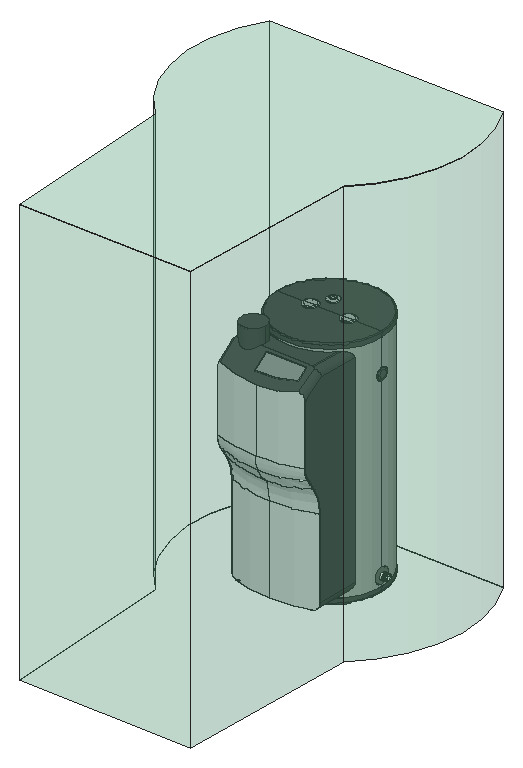
Revit family "Innovo BEFR_IR 24 285 BEFR LP", category Mechanical Equipment, Revit 2015
Parameters (values of type "IR-24-285 BEFR LP")
  largeur d'emballage = 786 mm  # constant formula
  l'Intervalle d'Entretien = "12 mois"  # constant formula
  Workspace Radius = Diameter + 170 mm  # 730 mm
  Workspace Height = Hauteur + 1000 mm  # 2270 mm
  Workspace Front Distance = 1000 mm
  Workspace [instance] = yes
  Valve Height 02 = if(and(Hauteur = 1745 mm, Diameter = 675 mm), 1518 mm, if(and(Hauteur = 1745 mm, Diameter = 610 mm), 1534 mm, if(Hauteur = 1545 mm, 1328 mm, 1070 mm)))  # 1070 mm
  Valve Height 01 = if(and(Diameter > 560 mm), 693 mm, 604 mm)  # 604 mm
  Valeur Maximale du Thermostat de Régulation = 85 °C  # constant formula
  Valeur Manimale du Thermostat de Régulation = 40 °C  # constant formula
  Valeur Défaut du Thermostat de Régulation = 65 °C  # constant formula
  URL = "www.aosmith.be"
  Type d'Installation = "B23/C13/C33/C43/C53/C63"  # constant formula
  Type d'emballage = "Carton et bois"  # constant formula
  Tension d'Alimentation (-15%, +10%) = 230 V  # constant formula
  Température Maximale des Fumées = 61 °C
  Temps de réchauffement à ΔT = 70°C = "27"
  Temps de réchauffement à ΔT = 55°C = "21"
  Temps de réchauffement à ΔT = 50°C = "19"
  Temps de réchauffement à ΔT = 44°C = "17"
  Temps de réchauffement à ΔT = 28°C = "11"
  Spécifications du Produit = ""
  Réglages du thermostat du chauffe-eau = 65 °C  # constant formula
  Réglage Standard Pour = "G31"
  Rendement Saisonnier (Hs) = [Rendement (Hs, acc. NEN-EN 89 - 1999)]  # 95
  Rendement (Hs, acc. NEN-EN 89 - 1999) = 95
  Rendement (Hi, acc. NEN-EN 89 - 1999) = 106
  Raccord Évacuation de la Condensation = 40 mm  # constant formula
  Raccord de la Soupape de Vidange = 3/4"
  Raccord de Sortie d'Eau Chaude = 3/4"
  Raccord de Gaz = 15"  # constant formula
  Raccord d'Alimentation en Eau Froide = 3/4"  # constant formula
  Raccord Robinet de Vidange = 3/4"  # constant formula
  Puissance Électrique Absorbée (sommet) = 85 W
  Puissance Électrique Absorbée (nominal) = 36 W
  Profondeur d'emballage = 946 mm  # constant formula
  Profondeur = 780 mm  # constant formula
  Profils de soutirage déclaré = "XL"
  Production Nominale = "18700.0"
  Pression de Fonctionnement Maximale = 800000.0 Pa  # constant formula
  Pression Différentielle d'Ouverture de l'Interrupteur de Pression < = 115.0 Pa
  Pression Amont de Gaz = "3700 Pa"
  Precaustions during assembling, installation or maintenance = "voir Manuel d'installation, d'emploi er d'entretien"  # constant formula
  Poids à vide = 95 kg
  Poids de Transport = 114 kg
  Phase = 1
  Pertes en Veille - tous les jours (24h) = 0 W
  Pertes en Veille = 0 W
  Nombre de modèle du produit (EAN) = "8717449286026"
  Niveau du Son dB (A) = "<45"  # constant formula
  Niveau de puissance acoustique à l'intérieur = "52 dB"
  NOx-émissions mg/kWh = "30"
  NOx-émissions (ven air, 0% O2) ppm = "18"
  Modèdele = "IR-20-160"
  Model = "IR-20-160 FR LP"
  Marque commerciale = "A.O. Smith"  # constant formula
  Manufacturer = "A.O. Smith Water Products Company b.v."  # constant formula
  Largeur = Diameter  # 560 mm
  La commande intelligente = no
  L'efficacité énergétique pour le chauffage de l'eau (2) = "-"
  L'efficacité énergétique pour le chauffage de l'eau (1) = "92%"
  Hauteur du Raccordement au Gaz = 860 mm
  Hauteur de la Sortie d'eau Chaude = 1270 mm
  Hauteur de l'Alimentation en eau Froide = 170 mm
  Hauteur d'emballage = 1465 mm
  Hauteur Conduit d'Évacuation des Fumées = 1295 mm
  Hauteur Conduit d'Alimentation en Air = 1295 mm
  Hauteur = 1270 mm
  Guide de Produit = ""
  Garantie sur la Cuve = "36 mois"  # constant formula
  Garantie Pièces = "12 mois"  # constant formula
  Fréquence secteur = 50 Hz  # constant formula
  Forctionner qu'en heures creuses = no
  Fabricant No. = "E 7110"  # constant formula
  Epaisseur d'Isolation = 50 mm
  Débit de vidage à ΔT = 70°C après 90 min. = 410.0 L
  Débit de vidage à ΔT = 70°C après 60 min. = 290.0 L
  Débit de vidage à ΔT = 70°C après 30 min. = 170.0 L
  Débit de vidage à ΔT = 70°C après 120 min. = 520.0 L
  Débit de vidage à ΔT = 55°C après 90 min. = 540.0 L
  Débit de vidage à ΔT = 55°C après 60 min. = 390.0 L
  Débit de vidage à ΔT = 55°C après 30 min. = 240.0 L
  Débit de vidage à ΔT = 55°C après 120 min. = 700.0 L
  Débit de vidage à ΔT = 50°C après 90 min. = 600.0 L
  Débit de vidage à ΔT = 50°C après 60 min. = 440.0 L
  Débit de vidage à ΔT = 50°C après 30 min. = 270.0 L
  Débit de vidage à ΔT = 50°C après 120 min. = 770.0 L
  Débit de vidage à ΔT = 44°C après 90 min. = 690.0 L
  Débit de vidage à ΔT = 44°C après 60 min. = 510.0 L
  Débit de vidage à ΔT = 44°C après 30 min. = 320.0 L
  Débit de vidage à ΔT = 44°C après 120 min. = 880.0 L
  Débit de vidage à ΔT = 28°C après 90 min. = 1200.0 L
  Débit de vidage à ΔT = 28°C après 60 min. = 820.0 L
  Débit de vidage à ΔT = 28°C après 30 min. = 530.0 L
  Débit de vidage à ΔT = 28°C après 120 min. = 1500.0 L
  Débit de vidage en Continu à ΔT = 70°C = 240.0 L/s
  Débit de vidage en Continu à ΔT = 55°C = 300.0 L/s
  Débit de vidage en Continu à ΔT = 50°C = 330.0 L/s
  Débit de vidage en Continu à ΔT = 44°C = 380.0 L/s
  Débit de vidage en Continu à ΔT = 28°C = 590.0 L/s
  Diamètre Cheminée - Système Parallèle = "2x80"  # constant formula
  Diamètre Cheminée - Système Concentrique = "80/125 mm/mm"  # constant formula
  Diamètre Cheminée - Boiler = "80/125 mm/mm"  # constant formula
  Diameter = 560 mm
  Destination / Country = "Belgique"  # constant formula
  Description = "Préparateur ECS Solaire en Combinaison avec Réservoir de Stockage"  # constant formula
  D'autres profils de soutirage = "-"
  Created By = "http://www.cadcompany.nl/"
  Consommation de Gaz - Volume ltr/hr = "2.20"
  Consommation de Gaz - Masse kg/h = "1.4"
  Class d'efficacité énergétique (2) = "-"
  Class d'efficacité énergétique (1) = "A"  # constant formula
  Charge Nominale (Valeur Supérieure) = "19600.0"
  Charge Nominale (Valeur Inférieure) = "18000.0"
  Charge Maximale au Sol = 274 kg
  Catégorie de Gaz = "I3P"
  Capacité = 160.0 L
  CO2 Émissions (tol. +/- 1.0) vol% = "10.0"
  CE-PIN = "0063CQ3037"  # constant formula
  BIM Content Developer = "CAD & Company"  # constant formula
  Assembly Code = "D3010"
  Annual fuel consumption (2) = "-"
  Annual fuel consumption (1) = "16 GJ GCV"
  Annual electricity consumption (2) = "-"
  Annual electricity consumption (1) = "37 kWh"
  2ème Entretien (Entretien Général) = "12 mois après l'installation"  # constant formula
  1er Entretien (check-up) = "3 mois après l'installation"  # constant formula
Reference planes
  plane 1 "Center (Front/Back)": y = 0
  plane 2: z = 0
  plane 3 "Center (Left/Right)": x = 0
  plane 4 "Pipe": through (-383.901, 912.349, 194.799) normal (-0.0879, -0.0879, 0.9923)
  plane 5 "footing": y = 118.925
  plane 6 "footing front": y = -237.85
  plane 7: x = -280
  plane 8: x = 280
  plane 9: z = 1270
Forms (mm)
  Revolve 1, solid, material "RAL 9005", detail levels medium+fine
    sketch origin (0, -237.85, 0) x (-1, 0, 0) y (0, 0, 1)
      loop
        line (0, 28.9) -> (-15, 28.9) -> (-15, 26.4) -> (-8.671, 26.4) -> (-8.671, 18) -> (-5.686, 18) -> (-6.626, 17.06) -> (-6.626, 12.06) -> (-8.671, 12.06) -> (-8.671, 10) -> (-10.031, 10) -> (-23.271, 5.181)
        arc (-23.271, 5.181) -> (-23.763, 4.836) -> (-24.017, 4.293) r 1.159
        line (-24.017, 4.293) -> (-24.017, 1.03)
        arc (-24.017, 1.03) -> (-23.715, 0.302) -> (-22.986, 0) r 1.03
        line (-22.986, 0) -> (0, 0) -> (0, 28.9)
      axis (0, 28.9) -> (0, 0)
    angle from 0 to 360
  Revolve 2, solid, material "RAL 9005", detail levels medium+fine
    sketch origin (0, 118.925, 0) x (-1, 0, 0) y (0, 0, 1)
      loop
        line (-180.984, 28.9) -> (-195.984, 28.9) -> (-195.984, 26.4) -> (-189.655, 26.4) -> (-189.655, 18) -> (-186.67, 18) -> (-187.61, 17.06) -> (-187.61, 12.06) -> (-189.655, 12.06) -> (-189.655, 10) -> (-191.015, 10) -> (-204.256, 5.181)
        arc (-204.256, 5.181) -> (-204.747, 4.836) -> (-205.001, 4.293) r 1.159
        line (-205.001, 4.293) -> (-205.001, 1.03)
        arc (-205.001, 1.03) -> (-204.699, 0.302) -> (-203.971, 0) r 1.03
        line (-203.971, 0) -> (-180.984, 0) -> (-180.984, 28.9)
      axis (-180.984, 28.9) -> (-180.984, 0)
    angle from 0 to 360
  Revolve 3, solid, material "RAL 9005", detail levels medium+fine
    sketch origin (0, 118.925, 0) x (-1, 0, 0) y (0, 0, 1)
      loop
        line (179.016, 28.9) -> (164.016, 28.9) -> (164.016, 26.4) -> (170.345, 26.4) -> (170.345, 18) -> (173.33, 18) -> (172.39, 17.06) -> (172.39, 12.06) -> (170.345, 12.06) -> (170.345, 10) -> (168.985, 10) -> (155.744, 5.181)
        arc (155.744, 5.181) -> (155.253, 4.836) -> (154.999, 4.293) r 1.159
        line (154.999, 4.293) -> (154.999, 1.03)
        arc (154.999, 1.03) -> (155.301, 0.302) -> (156.029, 0) r 1.03
        line (156.029, 0) -> (179.016, 0) -> (179.016, 28.9)
      axis (179.016, 28.9) -> (179.016, 0)
    angle from 0 to 360
Lines and regions (mm)
  symbolic lines
    curve 1: line (0, 280.06, 0) -> (0, -280.06, 0)
    curve 2: line (-255.06, 0, 0) -> (255.06, 0, 0)
  symbolic lines, style "Workspace"
    curve 3: line (623.261, 380.06, 0) -> (-623.261, 380.06, 0)
    curve 4: arc (-623.261, 380.06, 0) -> (-726.942, -66.745, 0) -> (-543.632, -487.2, 0) r 730
    curve 5: line (-543.632, -487.2, 0) -> (-396.783, -1492.825, 0)
    curve 6: line (-396.783, -1492.825, 0) -> (399.03, -1492.825, 0)
    curve 7: line (399.03, -1492.825, 0) -> (545.76, -484.816, 0)
    curve 8: arc (545.76, -484.816, 0) -> (727.087, -65.154, 0) -> (623.261, 380.06, 0) r 730
Dimensions and locks
  plane 5 "footing" to plane 1 "Center (Front/Back)" = 118.925 mm
  plane 1 "Center (Front/Back)" to plane 6 "footing front" = 237.85 mm
  "Diameter": plane 7 to plane 8
  equal spacing: plane 7, plane 3 "Center (Left/Right)", plane 8
  "Hauteur": plane 9 to plane 2
  "Workspace Front Distance": curve 6 to nested 3
  "Workspace Radius": radius of curve 4
  "Workspace Radius": radius of curve 8
  aligned and locked: level to plane 2
  aligned and locked: nested 3 to Revolve 1 sketch curve
  aligned and locked: plane 3 "Center (Left/Right)" to Revolve 1 sketch curve
  aligned and locked: nested 3 to plane 1 "Center (Front/Back)"
  aligned and locked: plane 3 "Center (Left/Right)" to nested 3
  aligned and locked: nested 1 to plane 8
  aligned and locked: nested 5 to plane 8
  aligned and locked: nested 2 to plane 7
  aligned and locked: nested 4 to plane 7
  aligned and locked: nested 7 to plane 7
  aligned and locked: nested 8 to plane 3 "Center (Left/Right)"
  aligned and locked: plane 1 "Center (Front/Back)" to nested 8
  aligned and locked: nested 8 to nested 3
  aligned and locked: curve 3 to nested 8
Automatic sketch dimensions
  Revolve 1 sketch curve to level = 0 mm
  plane 3 "Center (Left/Right)" to Revolve 1 sketch curve = 5.686 mm
  Revolve 1 sketch curve to Revolve 1 sketch curve = 0.94 mm  (x2)
  Revolve 1 sketch curve to Revolve 1 sketch curve = 2.046 mm  (x2)
  Revolve 1 sketch curve to Revolve 1 sketch curve = 1.359 mm
  Revolve 1 sketch curve to Revolve 1 sketch curve = 6.329 mm
  level to Revolve 1 sketch curve = 4.091 mm
  Revolve 1 sketch curve to Revolve 1 sketch curve = 12.844 mm
  level to Revolve 1 sketch curve = 1.03 mm
  Revolve 1 sketch curve to Revolve 1 sketch curve = 0.111 mm
  level to Revolve 1 sketch curve = 5.181 mm
  Revolve 1 sketch curve to Revolve 1 sketch curve = 0.745 mm
  level to Revolve 1 sketch curve = 10 mm
  Revolve 1 sketch curve to Revolve 1 sketch curve = 2.06 mm
  Revolve 1 sketch curve to Revolve 1 sketch curve = 5 mm
  Revolve 1 sketch curve to Revolve 1 sketch curve = 8.4 mm
  Revolve 1 sketch curve to Revolve 1 sketch curve = 2.5 mm
  Revolve 1 sketch curve to level = 19.635 mm
  Revolve 1 sketch curve to Revolve 1 sketch curve = 46.465 mm
  Revolve 2 sketch curve to level = 0 mm
  level to Revolve 2 sketch curve = 1.03 mm
  Revolve 2 sketch curve to plane 8 = 74.999 mm
  level to Revolve 2 sketch curve = 5.181 mm
  Revolve 2 sketch curve to Revolve 2 sketch curve = 0.745 mm
  Revolve 2 sketch curve to Revolve 2 sketch curve = 0.397 mm
  Revolve 2 sketch curve to Revolve 2 sketch curve = 8.271 mm
  Revolve 2 sketch curve to Revolve 2 sketch curve = 13.241 mm
  Revolve 2 sketch curve to Revolve 2 sketch curve = 1.359 mm
  Revolve 2 sketch curve to Revolve 2 sketch curve = 6.329 mm
  Revolve 2 sketch curve to Revolve 2 sketch curve = 2.046 mm
  level to Revolve 2 sketch curve = 18 mm
  Revolve 2 sketch curve to Revolve 2 sketch curve = 0.94 mm  (x2)
  Revolve 2 sketch curve to Revolve 2 sketch curve = 8.671 mm
  Revolve 2 sketch curve to Revolve 2 sketch curve = 1.089 mm
  Revolve 2 sketch curve to Revolve 2 sketch curve = 8 mm
  Revolve 2 sketch curve to Revolve 2 sketch curve = 2.06 mm
  Revolve 2 sketch curve to Revolve 2 sketch curve = 8.4 mm
  Revolve 2 sketch curve to Revolve 2 sketch curve = 2.5 mm
  Revolve 2 sketch curve to Revolve 2 sketch curve = 0 mm
  Revolve 2 sketch curve to level = 19.635 mm
  Revolve 2 sketch curve to Revolve 2 sketch curve = 46.465 mm
  Revolve 3 sketch curve to level = 0 mm
  level to Revolve 3 sketch curve = 1.03 mm
  Revolve 3 sketch curve to plane 7 = 125.001 mm
  level to Revolve 3 sketch curve = 5.181 mm
  Revolve 3 sketch curve to Revolve 3 sketch curve = 0.745 mm
  Revolve 3 sketch curve to Revolve 3 sketch curve = 0.397 mm
  Revolve 3 sketch curve to Revolve 3 sketch curve = 8.271 mm
  Revolve 3 sketch curve to Revolve 3 sketch curve = 13.241 mm
  Revolve 3 sketch curve to Revolve 3 sketch curve = 1.359 mm
  Revolve 3 sketch curve to Revolve 3 sketch curve = 6.329 mm
  Revolve 3 sketch curve to Revolve 3 sketch curve = 2.046 mm
  level to Revolve 3 sketch curve = 18 mm
  Revolve 3 sketch curve to Revolve 3 sketch curve = 0.94 mm  (x2)
  Revolve 3 sketch curve to Revolve 3 sketch curve = 8.671 mm
  Revolve 3 sketch curve to Revolve 3 sketch curve = 1.089 mm
  Revolve 3 sketch curve to Revolve 3 sketch curve = 8 mm
  Revolve 3 sketch curve to Revolve 3 sketch curve = 2.06 mm
  Revolve 3 sketch curve to Revolve 3 sketch curve = 8.4 mm
  Revolve 3 sketch curve to Revolve 3 sketch curve = 2.5 mm
  Revolve 3 sketch curve to Revolve 3 sketch curve = 0 mm
  Revolve 3 sketch curve to level = 19.635 mm
  Revolve 3 sketch curve to Revolve 3 sketch curve = 46.465 mm
  curve 4 to curve 8 = 0 mm  (x2)
  plane 1 "Center (Front/Back)" to curve 2 = 0 mm
  curve 1 to plane 3 "Center (Left/Right)" = 0 mm
  plane 1 "Center (Front/Back)" to curve 4 = 0 mm
  curve 4 to plane 3 "Center (Left/Right)" = 0 mm
  curve 5 to plane 6 "footing front" = 249.35 mm
  plane 7 to curve 5 = 116.783 mm
  plane 8 to curve 7 = 119.03 mm
  curve 7 to plane 6 "footing front" = 246.966 mm
  curve 2 to plane 7 = 24.94 mm
  curve 2 to plane 8 = 24.94 mm
  curve 1 to plane 6 "footing front" = 42.21 mm
  plane 5 "footing" to curve 1 = 161.135 mm
Nested families
  nested 1: "Valve" at (280, -0.38, 1070) x (0, 1, 0) z (0, 0, 1), built-in parameter 1001364 <- "Valve Height 02", type "Valve"
  nested 2: "Drain Valve" at (-280, 0, 1070), built-in parameter 1001364 <- "Valve Height 02", type "Drain Valve"
  nested 3: "Housing Mother Housing S 57 (external)" at (0, -274.886, 0), type "Housing Mother_Housing S_57"
  nested 4: "Drain Valve" at (-280, 0, 177), type "Drain Valve"
  nested 5: "Drain Valve" at (280, 0, 107) x (-1, 0, 0) z (0, 0, 1), type "Drain Valve"
  nested 6: "Boiler" at (0, 0, 0), height <- "Hauteur", type "Boiler"
    with height 1270 mm
  nested 7: "Drain Valve" at (-280, 0, 604), built-in parameter 1001364 <- "Valve Height 01", type "Drain Valve"
  nested 8: "Innovo_workspace" at (0, 0, 0), Workspace <- "Workspace", Workspace Distance Front <- "Workspace Front Distance", Workspace Height <- "Workspace Height", Workspace Radius <- "Workspace Radius", type "Workspace"
    with Workspace Radius 730 mm, Workspace Height 2270 mm, Workspace Distance Front 1000 mm, Workspace yes, Center to Front 492.825 mm
Connectors
  piping at (314.826, 0, 107), diameter 19.05, driven by "Raccord Robinet de Vidange"
    settings: on nested 5, index 1, connector inside diameter 24", connector length 0 mm, flow factor 0, pipe flow 0.0 L/s, pressure drop 0.0 Pa, fitting loss kfactor 0, connector angle 0.00°, fixture units 0, engagement length 0 mm, angle of deflection 0.00°, flow configuration 0, flow direction 0, fitting loss method 0, system type 19, joint type 0, gender type 0, connector reference index -1, connector utility 0, adjustable connector no, is connector primary yes, connector description ""
  hvac at (-147.013, -321.326, 1310.674)
    settings: on nested 3, index 2, duct flow 0.0 L/s, flow factor 0, pres drop 0.0 Pa, loss coef 0, conn angle 0.00°, conn width 304.8 mm, conn height 304.8 mm, conn diameter 125 mm, duct sys type 4, conn prof type 0, flow config 0, flow direction 0, loss method 0, conn ref index -1, conn util no, is conn primary yes, conn desc ""
Definition of nested family "Valve"
  Parameters (values of type "Valve")
    Type Comments = "T&P valve (internal)"
    Manufacturer = "A.O. Smith"
  Reference planes
    plane 1 "Center (Front/Back)": y = 0
    plane 2: z = 0
    plane 3 "Center (Left/Right)": x = 0
  Forms (mm)
    Extrusion 1, solid, detail levels fine
      sketch origin (0, 0, 0) x (1, 0, 0) y (0, 0, 1)
        loop
          circle (0, 0) r 31.5
      from -2.271 to 1.4
    Sweep 2, solid, detail levels fine
      path origin (0, -1.4, 0) x (1, 0, 0) y (0, 0, 1)
        loop
          circle (0, 0) r 31.5
      profile origin (0, -1.4, 31.5) x (0, 0, -1) y (0, -1, 0)
        loop
          line (7.3, 0) -> (7.3, 3) -> (0, 0) -> (7.3, 0)
  Dimensions and locks
    aligned and locked: level to plane 2
Definition of nested family "Drain Valve"
  Reference planes
    plane 1 "Center (Front/Back)": y = 0
    plane 2: z = 0
    plane 3 "Center (Left/Right)": x = 0
  Forms (mm)
    Revolve 1, solid, detail levels medium+fine
      sketch origin (0, 0, 0) x (1, 0, 0) y (0, 0, 1)
        loop
          line (-33.442, 15.696) -> (-34.826, 14.329) -> (-34.93, 12.731) -> (-16.555, 12.731) -> (-16.555, 0) -> (15.787, 0) -> (15.787, 18.3) -> (-14.4, 18.3) -> (-17.148, 15.533) -> (-18.729, 16.697) -> (-20.091, 15.333) -> (-21.672, 16.496) -> (-23.034, 15.133) -> (-24.614, 16.296) -> (-25.976, 14.932) -> (-27.557, 16.096) -> (-28.919, 14.732) -> (-30.5, 15.896) -> (-31.862, 14.532) -> (-33.442, 15.696)
        axis (-34.93, 0) -> (15.787, 0)
      angle from 0 to 360
  Dimensions and locks
    aligned and locked: level to plane 2
  Nested families
    nested 1: "Rubber sealing" at (2.592, -0.155, 0) x (0.0023, -1, 0) z (0, 0, 1), type "Rubber sealing", detail levels fine
  Definition of nested family "Rubber sealing"
    Reference planes
      plane 1 "Center (Front/Back)": y = 0
      plane 2: z = 0
      plane 3 "Center (Left/Right)": x = 0
    Forms (mm)
      Extrusion 1, solid, detail levels fine
        sketch origin (141.861, 319.581, 0) x (1, 0, 0) y (0, 1, 0)
          loop
            line (-216.354, -311.898) -> (-216.354, -313.94)
            arc (-216.354, -313.94) -> (-141.602, -321.581) -> (-66.861, -313.835) r 366.966
            line (-66.861, -313.835) -> (-66.861, -311.791)
            arc (-66.861, -311.791) -> (-141.602, -319.581) -> (-216.354, -311.898) r 364.966
        from -80 to 80
      Extrusion 2, void
        sketch origin (141.861, 319.581, 0) x (1, 0, 0) y (0, 0, 1)
          loop
            circle (-141.861, 0) r 13
          loop
            circle (-141.861, 0) r 110
          loop
            circle (-141.861, 0) r 40
        from 311.563 to 332.684
      Extrusion 3, void
        sketch origin (141.861, 319.581, 0) x (1, 0, 0) y (0, 0, 1)
          loop
            circle (-141.861, 0) r 18.25
        from 315.524 to 326.084
    Cuts and joins
      Extrusion 2, Extrusion 3 cuts Extrusion 1
    Dimensions and locks
      aligned and locked: level to plane 2
Definition of nested family "Housing Mother Housing S 57 (external)"
  Parameters (values of type "Housing Mother_Housing S_57")
    radius [instance] = 280 mm
    distance to boiler center = if(diameter = 675 mm, 189 mm, if(diameter = 610 mm, 154 mm, 129 mm))  # 129 mm
    diameter = 560 mm
  Reference planes
    plane 1 "Center (Front/Back)": y = 0
    plane 2: z = 0
    plane 3 "Center (Left/Right)": x = 0
    plane 4 "left": through (-245.286, 145.886, 1200) normal (0.9994, 0.0349, 0)
    plane 5: y = -217.939
    plane 6: y = 145.886
    plane 7: z = 1232.6
    plane 8: z = 65.89
    plane 9 "right": through (245.286, 145.886, 1200) normal (0.9994, -0.0349, 0)
    plane 10 "display": through (0, -90.37, 1221.196) normal (0, -0.5736, 0.8192)
    plane 11 "Potentiostat": z = 867.899
    plane 12 "boiler center": y = 274.886
    plane 13: x = -280
    plane 14: x = 280
  Forms (mm)
    Extrusion 1, solid
      sketch origin (0, 0, 0) x (1, 0, 0) y (0, 1, 0)
        loop
          line (-245.286, 145.886) -> (-232.581, -217.939) -> (232.581, -217.939) -> (245.286, 145.886)
          arc (245.286, 145.886) -> (0, 0.923) -> (-245.286, 145.886) r 280
      from 0 to 1232.6
    Sweep 2, void
      path origin (0, 0, 0) x (0, 1, 0) y (0, 0, 1)
        loop
          line (-217.939, 1232.6) -> (-217.939, 795.555)
          arc (-217.939, 795.555) -> (-212.387, 754.285) -> (-197.694, 715.322) r 183.924
          arc (-197.694, 715.322) -> (-179.915, 684.628) -> (-159.106, 655.901) r 348.284
          arc (-159.106, 655.901) -> (-131.411, 600.328) -> (-121.88, 538.973) r 202.254
          line (-121.88, 538.973) -> (-121.88, 61.106)
      profile origin (0, -217.939, 1014.077) x (1, 0, 0) y (0, 1, 0)
        loop
          arc (0, 0) -> (-117.533, 9.941) -> (-231.728, 39.475) r 699.984
          arc (-231.728, 39.475) -> (-233.391, 40.705) -> (-234.07, 42.659) r 3.505
          line (-234.07, 42.659) -> (-254.062, 42.659) -> (-254.062, -142.593) -> (254.07, -142.593) -> (254.07, 42.659) -> (234.07, 42.659)
          arc (234.07, 42.659) -> (233.391, 40.705) -> (231.728, 39.475) r 3.505
          arc (231.728, 39.475) -> (117.533, 9.941) -> (0, 0) r 699.984
    Extrusion 3, void
      sketch origin (0, 0, 0) x (0, 1, 0) y (0, 0, 1)
        loop
          arc (102.864, 70.869) -> (99.804, 70.709) -> (96.874, 69.813) r 12.57
          arc (96.874, 69.813) -> (87.878, 66.533) -> (78.516, 64.529) r 69.114
          arc (78.516, 64.529) -> (76.41, 64.284) -> (74.294, 64.148) r 41.206
          arc (74.294, 64.148) -> (65.203, 64.335) -> (56.122, 64.782) r 318.661
          arc (56.122, 64.782) -> (30.585, 66.179) -> (5.028, 67.128) r 1456.581
          line (5.028, 67.128) -> (-84.534, 73.135)
          arc (-84.534, 73.135) -> (-86.363, 73.808) -> (-87.536, 75.365) r 3.455
          line (-87.536, 75.365) -> (-264.473, 75.365) -> (-264.473, 0) -> (160.886, 0) -> (160.886, 103.945) -> (145.886, 103.945)
          arc (145.886, 103.945) -> (145.104, 97.827) -> (142.923, 92.059) r 26.364
          arc (142.923, 92.059) -> (141.067, 88.936) -> (138.867, 86.045) r 31.715
          arc (138.867, 86.045) -> (135.576, 82.49) -> (132.021, 79.2) r 62.615
          arc (132.021, 79.2) -> (125.841, 74.697) -> (119.091, 71.103) r 54.444
          arc (119.091, 71.103) -> (116.371, 70.272) -> (113.531, 70.123) r 11.669
          line (113.531, 70.123) -> (102.864, 70.869)
      from -254.062 to 254.07
    Sweep 4, void
      path origin (0, 0, 0) x (1, 0, 0) y (0, 1, 0)
        loop
          line (-245.286, 145.886) -> (-232.581, -217.939)
      profile origin (-238.933, -36.027, 0) x (0.999391, 0.034899, 0) y (0, 0, 1)
        loop
          line (-4.454, 0) -> (47.084, 0) -> (47.084, 73.431)
          arc (47.084, 73.431) -> (14.222, 85.134) -> (0.255, 117.1) r 43.922
          line (0.255, 117.1) -> (-4.454, 117.1) -> (-4.454, 0)
    Sweep 5, void
      path origin (0, 0, 0) x (-1, 0, 0) y (0, 1, 0)
        loop
          line (-245.286, 145.886) -> (-232.581, -217.939)
      profile origin (238.933, -36.027, 0) x (0.999391, -0.034899, 0) y (0, 0, 1)
        loop
          line (4.454, 0) -> (4.454, 117.1) -> (-0.255, 117.1)
          arc (-0.255, 117.1) -> (-14.222, 85.134) -> (-47.084, 73.431) r 43.922
          line (-47.084, 73.431) -> (-47.084, 0) -> (4.454, 0)
    Sweep 6, void
      path origin (-239.899, -8.377, 0) x (-0.034899, 0.999391, 0) y (0, 0, 1)
        loop
          line (-209.69, 1141.272) -> (-79.18, 1232.6) -> (154.358, 1232.6)
      profile origin (-241.211, 29.188, 1232.6) x (0, 0, 1) y (0.999391, 0.034899, 0)
        loop
          line (-45, -30) -> (75, -30) -> (75, 0) -> (75, 55) -> (2.799, 55) -> (-1.253, 35.128)
          arc (-1.253, 35.128) -> (-16.771, 9.564) -> (-45, -0.308) r 44.287
          line (-45, -0.308) -> (-45, -30)
    Sweep 7, void
      path origin (239.899, -8.377, 0) x (0.034899, 0.999391, 0) y (0, 0, 1)
        loop
          line (-209.69, 1141.272) -> (-79.18, 1232.6) -> (154.358, 1232.6)
      profile origin (241.211, 29.188, 1232.6) x (0, 0, -1) y (-0.999391, 0.034899, 0)
        loop
          line (-75, -25) -> (45, -25) -> (45, -0.308)
          arc (45, -0.308) -> (16.771, 9.564) -> (1.253, 35.128) r 44.287
          line (1.253, 35.128) -> (-2.799, 55) -> (-75, 55) -> (-75, -25)
    Extrusion 8, void
      sketch origin (0, 0, 0) x (0, 1, 0) y (0, 0, 1)
        loop
          line (-270, 1336.099) -> (-270, 1099.081) -> (68.497, 1336.099) -> (-270, 1336.099)
      from -425.038 to 444.42
    Extrusion 9, solid, detail levels medium+fine
      sketch origin (0, 0, 0) x (1, 0, 0) y (0, 1, 0)
        loop
          circle (-147.013, -46.44) r 65
      from 1163.174 to 1310.674
    Extrusion 10, void
      sketch origin (0, -603.506, 861.895) x (0, 0.819152, 0.573576) y (-1, 0, 0)
        loop
          arc (618.322, -173) -> (623.272, -170.95) -> (625.322, -166) r 7
          line (625.322, -166) -> (625.322, 35)
          arc (625.322, 35) -> (623.272, 39.95) -> (618.322, 42) r 7
          line (618.322, 42) -> (535.473, 42)
          arc (535.473, 42) -> (530.688, 40.11) -> (528.488, 35.46) r 7
          arc (528.488, 35.46) -> (531.569, -67.592) -> (554.18, -168.18) r 540
          arc (554.18, -168.18) -> (556.724, -171.668) -> (560.831, -173) r 7
          line (560.831, -173) -> (618.322, -173)
      from 0 to 137.286
    Sweep 11, solid, detail levels fine
      path origin (0, 0, 867.899) x (-1, 0, 0) y (0, -1, 0)
        loop
          line (309.749, -35.617) -> (204.371, -35.617)
          arc (204.371, -35.617) -> (196.509, -34.687) -> (189.082, -31.947) r 33.677
          line (189.082, -31.947) -> (-9.574, 69.274)
      profile origin (-257.06, 35.617, 867.899) x (0, 1, 0) y (0, 0, 1)
        loop
          circle (0, 0) r 7.316
        loop
          circle (0, 0) r 6.465
    Revolve 12, void
      sketch origin (0, 274.886, 0) x (-1, 0, 0) y (0, 0, 1)
        loop
          line (280, 1243.838) -> (0, 1243.838) -> (0, 54.9) -> (280, 54.9) -> (280, 1243.838)
        axis (0, 1243.838) -> (0, 54.9)
      angle from 0 to 360
  Cuts and joins
    Sweep 2, Extrusion 3, Sweep 4, Sweep 5, Sweep 6, Sweep 7, Extrusion 8, Extrusion 10, Revolve 12 cuts Extrusion 1
  Dimensions and locks
    plane 8 to plane 2 = 65.89 mm
    plane 7 to plane 8 = 1166.71 mm
    "distance to boiler center": plane 12 "boiler center" to plane 6
    "diameter": plane 14 to plane 13
    equal spacing: plane 14, plane 3 "Center (Left/Right)", plane 13
    "radius": plane 3 "Center (Left/Right)" to plane 13
    aligned and locked: level to plane 2
    aligned and locked: Extrusion 1 to plane 7
    aligned and locked: Extrusion 1 sketch curve to plane 5
    aligned and locked: Sweep 2 to Extrusion 3
    aligned and locked: Extrusion 3 to Sweep 2  (x2)
    aligned and locked: plane 7 to Sweep 2 sketch curve
    aligned and locked: plane 3 "Center (Left/Right)" to Revolve 12 sketch curve
    aligned and locked: Revolve 12 sketch curve to plane 3 "Center (Left/Right)"
    aligned and locked: plane 13 to Revolve 12 sketch curve
  Automatic sketch dimensions
    Extrusion 1 sketch curve to plane 4 "left" = 0 mm  (x2)
    Extrusion 1 sketch curve to plane 6 = 0 mm  (x2)
    Extrusion 1 sketch curve to plane 3 "Center (Left/Right)" = 0 mm
    Extrusion 1 sketch curve to plane 9 "right" = 0 mm
    plane 6 to Extrusion 1 sketch curve = 135.037 mm
    Sweep 2 sketch curve to plane 5 = 0 mm
    plane 5 to Sweep 2 sketch curve = 106.195 mm
    Sweep 2 sketch curve to plane 5 = 96.059 mm
    plane 1 "Center (Front/Back)" to Sweep 2 sketch curve = 34.053 mm
    plane 11 "Potentiostat" to Sweep 2 sketch curve = 6.417 mm
    Sweep 2 sketch curve to plane 6 = 33.705 mm
    Sweep 2 sketch curve to plane 11 "Potentiostat" = 68.615 mm
    Sweep 2 sketch curve to plane 11 "Potentiostat" = 72.345 mm
    Sweep 2 sketch curve to Sweep 2 sketch curve = 176.349 mm
    Sweep 2 sketch curve to Sweep 2 sketch curve = 0 mm  (x2)
    plane 8 to Sweep 2 sketch curve = 4.784 mm
    Extrusion 3 sketch curve to level = 0 mm
    Extrusion 3 sketch curve to plane 6 = 0 mm
    Extrusion 3 sketch curve to plane 6 = 26.363 mm
    Extrusion 3 sketch curve to Extrusion 3 sketch curve = 4.75 mm
    Extrusion 3 sketch curve to Extrusion 3 sketch curve = 5.179 mm
    Extrusion 3 sketch curve to plane 8 = 4.232 mm
    Extrusion 3 sketch curve to Extrusion 3 sketch curve = 0.814 mm
    Extrusion 3 sketch curve to plane 8 = 4.978 mm
    Extrusion 3 sketch curve to Extrusion 3 sketch curve = 10.667 mm
    Extrusion 3 sketch curve to Extrusion 3 sketch curve = 0.877 mm
    Extrusion 3 sketch curve to Extrusion 3 sketch curve = 17.827 mm
    Extrusion 3 sketch curve to Extrusion 3 sketch curve = 5.646 mm
    Extrusion 3 sketch curve to plane 6 = 69.562 mm
    Extrusion 3 sketch curve to Extrusion 3 sketch curve = 18.6 mm
    Extrusion 3 sketch curve to Extrusion 3 sketch curve = 22.538 mm
    Extrusion 3 sketch curve to plane 8 = 1.238 mm
    Extrusion 3 sketch curve to plane 1 "Center (Front/Back)" = 5.028 mm
    plane 1 "Center (Front/Back)" to Extrusion 3 sketch curve = 36.224 mm
    Extrusion 3 sketch curve to plane 8 = 10.692 mm
    plane 1 "Center (Front/Back)" to Extrusion 3 sketch curve = 84.302 mm
    Extrusion 3 sketch curve to plane 8 = 7.244 mm
    Extrusion 3 sketch curve to Extrusion 3 sketch curve = 0.231 mm
    Extrusion 3 sketch curve to Extrusion 3 sketch curve = 3.234 mm
    plane 5 to Extrusion 3 sketch curve = 46.534 mm
    plane 6 to Extrusion 3 sketch curve = 15 mm
    Extrusion 3 sketch curve to level = 1388.869 mm
    plane 8 to Extrusion 3 sketch curve = 7.561 mm
    Extrusion 3 sketch curve to Extrusion 3 sketch curve = 11.64 mm
    Extrusion 3 sketch curve to plane 8 = 38.054 mm
    Extrusion 3 sketch curve to Extrusion 3 sketch curve = 22.442 mm
    Extrusion 3 sketch curve to plane 8 = 39.432 mm
    Extrusion 3 sketch curve to Extrusion 3 sketch curve = 2.466 mm
    Extrusion 3 sketch curve to Extrusion 3 sketch curve = 14.17 mm
    Extrusion 3 sketch curve to Extrusion 3 sketch curve = 5.925 mm
    Extrusion 3 sketch curve to Extrusion 3 sketch curve = 6.186 mm
    Extrusion 3 sketch curve to Extrusion 3 sketch curve = 249.85 mm
    Extrusion 3 sketch curve to Extrusion 3 sketch curve = 0 mm  (x4)
    Extrusion 3 sketch curve to Extrusion 3 sketch curve = 6.845 mm
    plane 8 to Extrusion 3 sketch curve = 1.743 mm
    Sweep 4 sketch curve to plane 4 "left" = 0 mm  (x2)
    Sweep 4 sketch curve to plane 6 = 0 mm
    plane 5 to Sweep 4 sketch curve = 0 mm
    Sweep 4 sketch curve to level = 0 mm
    profile plane to Sweep 4 sketch curve = 4.454 mm
    Sweep 4 sketch curve to profile plane = 0.255 mm
    Sweep 4 sketch curve to Sweep 4 sketch curve = 43.922 mm
    Sweep 4 sketch curve to profile plane = 47.084 mm
    level to Sweep 4 sketch curve = 73.431 mm
    Sweep 4 sketch curve to Sweep 4 sketch curve = 43.669 mm
    Sweep 5 sketch curve to plane 6 = 0 mm
    Sweep 5 sketch curve to plane 9 "right" = 0 mm  (x2)
    plane 5 to Sweep 5 sketch curve = 0 mm
    Sweep 5 sketch curve to level = 0 mm
    profile plane to Sweep 5 sketch curve = 47.084 mm
    Sweep 5 sketch curve to Sweep 5 sketch curve = 2.907 mm
    profile plane to Sweep 5 sketch curve = 0.255 mm
    Sweep 5 sketch curve to profile plane = 4.454 mm
    level to Sweep 5 sketch curve = 73.431 mm
    Sweep 5 sketch curve to Sweep 5 sketch curve = 43.669 mm
    Sweep 6 sketch curve to plane 7 = 0 mm
    plane 7 to Sweep 6 sketch curve = 91.328 mm
    Sweep 6 sketch curve to Sweep 6 sketch curve = 130.509 mm
    Sweep 6 sketch curve to Sweep 6 sketch curve = 233.538 mm
    Sweep 6 sketch curve to plane 4 "left" = 0 mm
    profile plane to Sweep 6 sketch curve = 45 mm
    Sweep 6 sketch curve to Sweep 6 sketch curve = 0.354 mm
    profile plane to Sweep 6 sketch curve = 1.253 mm
    Sweep 6 sketch curve to profile plane = 2.799 mm
    Sweep 6 sketch curve to Sweep 6 sketch curve = 72.201 mm
    Sweep 6 sketch curve to plane 4 "left" = 0.308 mm
    Sweep 6 sketch curve to Sweep 6 sketch curve = 29.692 mm
    plane 4 "left" to Sweep 6 sketch curve = 35.128 mm
    plane 4 "left" to Sweep 6 sketch curve = 55 mm
    Sweep 7 sketch curve to plane 7 = 0 mm
    Sweep 7 sketch curve to plane 7 = 91.328 mm
    Sweep 7 sketch curve to Sweep 7 sketch curve = 130.509 mm
    Sweep 7 sketch curve to Sweep 7 sketch curve = 233.538 mm
    Sweep 7 sketch curve to plane 9 "right" = 25 mm
    profile plane to Sweep 7 sketch curve = 75 mm
    profile plane to Sweep 7 sketch curve = 2.799 mm
    Sweep 7 sketch curve to profile plane = 1.253 mm
    Sweep 7 sketch curve to Sweep 7 sketch curve = 43.393 mm
    Sweep 7 sketch curve to profile plane = 45 mm
    Sweep 7 sketch curve to plane 9 "right" = 0.308 mm
    plane 9 "right" to Sweep 7 sketch curve = 35.128 mm
    Sweep 7 sketch curve to Sweep 7 sketch curve = 19.872 mm
    plane 5 to Extrusion 8 sketch curve = 52.061 mm
    Extrusion 8 sketch curve to plane 1 "Center (Front/Back)" = 68.497 mm
    plane 7 to Extrusion 8 sketch curve = 133.519 mm
    Extrusion 8 sketch curve to plane 7 = 103.499 mm
    plane 1 "Center (Front/Back)" to Extrusion 9 sketch curve = 46.44 mm
    Extrusion 9 sketch curve to plane 3 "Center (Left/Right)" = 147.013 mm
    Extrusion 10 sketch curve to plane 3 "Center (Left/Right)" = 0 mm
    Extrusion 10 sketch curve to plane 3 "Center (Left/Right)" = 35 mm
    Extrusion 10 sketch curve to Extrusion 10 sketch curve = 25.359 mm
    Extrusion 10 sketch curve to Extrusion 10 sketch curve = 57.491 mm
    Extrusion 10 sketch curve to plane 3 "Center (Left/Right)" = 42 mm
    Extrusion 10 sketch curve to Extrusion 10 sketch curve = 82.85 mm
    Extrusion 10 sketch curve to Extrusion 10 sketch curve = 7 mm
    Extrusion 10 sketch curve to Extrusion 10 sketch curve = 442 mm
    plane 3 "Center (Left/Right)" to Extrusion 10 sketch curve = 166 mm
    Extrusion 10 sketch curve to Extrusion 10 sketch curve = 0 mm  (x2)
    Sweep 11 sketch curve to plane 1 "Center (Front/Back)" = 31.947 mm
    Sweep 11 sketch curve to plane 3 "Center (Left/Right)" = 189.082 mm
    Sweep 11 sketch curve to plane 1 "Center (Front/Back)" = 1.94 mm
    Sweep 11 sketch curve to Sweep 11 sketch curve = 15.289 mm
    plane 3 "Center (Left/Right)" to Sweep 11 sketch curve = 9.574 mm
    Sweep 11 sketch curve to Sweep 11 sketch curve = 105.378 mm
    plane 1 "Center (Front/Back)" to Sweep 11 sketch curve = 69.274 mm
    Sweep 11 sketch curve to Sweep 11 sketch curve = 0 mm  (x2)
    Sweep 11 sketch curve to plane 11 "Potentiostat" = 0 mm
    Sweep 11 sketch curve to profile plane = 0 mm
    plane 8 to Revolve 12 sketch curve = 10.99 mm
    Revolve 12 sketch curve to plane 7 = 11.238 mm
    Revolve 12 sketch curve to level = 366.045 mm
    Revolve 12 sketch curve to Revolve 12 sketch curve = 971.917 mm
    Sweep 2 sketch curve to plane 3 "Center (Left/Right)" = 0 mm
    profile plane to Sweep 2 sketch curve = 0 mm
    Sweep 2 sketch curve to plane 3 "Center (Left/Right)" = 0.016 mm
    Sweep 2 sketch curve to profile plane = 42.782 mm  (x2)
    Sweep 2 sketch curve to plane 3 "Center (Left/Right)" = 230.568 mm
    plane 3 "Center (Left/Right)" to Sweep 2 sketch curve = 0.016 mm
    plane 3 "Center (Left/Right)" to Sweep 2 sketch curve = 230.568 mm
    Sweep 2 sketch curve to Sweep 2 sketch curve = 3.502 mm  (x2)
    Sweep 2 sketch curve to Sweep 2 sketch curve = 20 mm
    profile plane to Sweep 2 sketch curve = 142.593 mm
    Sweep 2 sketch curve to Sweep 2 sketch curve = 0.122 mm  (x2)
    Sweep 2 sketch curve to Sweep 2 sketch curve = 657.203 mm
    Sweep 2 sketch curve to Sweep 2 sketch curve = 19.991 mm
    radius of Extrusion 9 sketch curve = 65 mm
    radius of Sweep 11 sketch curve = 7.316 mm
    radius of Sweep 11 sketch curve = 6.465 mm
  Nested families
    nested 1: "display" at (65.5, -130.939, 1192.79) x (-1, 0, 0) z (0, -0.5736, 0.8192), type "display"
  Definition of nested family "display"
    Parameters (values of type "display")
      Default Elevation = 1219.2 mm
    Reference planes
      plane 1 "Center (Front/Back)": y = 0
      plane 2: z = 0
      plane 3 "Center (Left/Right)": x = 0
    Forms (mm)
      Extrusion 1, solid, detail levels medium+fine
        sketch origin (-16.958, 11.842, -343.878) x (1, 0, 0) y (0, 0, -1)
          loop
            line (-233.523, -343.878) -> (-233.523, -346.592) -> (332.686, -346.592) -> (332.686, -343.878) -> (-233.523, -343.878)
        from -228.7 to 150.822
      Extrusion 2, void
        sketch origin (-16.958, 6.842, -343.878) x (1, 0, 0) y (0, 1, 0)
          loop
            line (-233.523, 155.822) -> (-233.523, -223.7) -> (332.686, -223.7) -> (332.686, 155.822) -> (-233.523, 155.822)
          loop
            arc (-90.542, -48.267) -> (-88.492, -53.216) -> (-83.542, -55.267) r 7
            line (-83.542, -55.267) -> (117.458, -55.267)
            arc (117.458, -55.267) -> (122.408, -53.216) -> (124.458, -48.267) r 7
            line (124.458, -48.267) -> (124.458, 34.583)
            arc (124.458, 34.583) -> (122.568, 39.368) -> (117.918, 41.568) r 7
            arc (117.918, 41.568) -> (14.866, 38.487) -> (-85.722, 15.876) r 540
            arc (-85.722, 15.876) -> (-89.21, 13.332) -> (-90.542, 9.224) r 7
            line (-90.542, 9.224) -> (-90.542, -48.267)
        from 328.878 to 363.083
    Cuts and joins
      Extrusion 2 cuts Extrusion 1
    Dimensions and locks
      aligned and locked: level to plane 2
Definition of nested family "Boiler"
  Parameters (values of type "Boiler")
    radius [instance] = 280 mm
    height [instance] = 1270 mm
    Diameter = 560 mm
  Reference planes
    plane 1 "Center (Front/Back)": y = 0
    plane 2: z = 0
    plane 3 "Center (Left/Right)": x = 0
    plane 4: z = 1243.838
    plane 5: z = 1270
    plane 6 "bottom": z = 28.9
    plane 7: z = 54.9
    plane 8 "top controle": y = 88
    plane 9: x = -280
    plane 10: x = 280
  Forms (mm)
    Revolve 1, solid
      sketch origin (0, 0, 0) x (1, 0, 0) y (0, 0, 1)
        loop
          line (0, 54.9) -> (-280, 54.9) -> (-280, 32.9)
          arc (-280, 32.9) -> (-278.828, 30.072) -> (-276, 28.9) r 4
          line (-276, 28.9) -> (0, 28.9) -> (0, 54.9)
        axis (0, 28.9) -> (0, 54.9)
      angle from 0 to 360
    Revolve 2, solid
      sketch origin (1.311, 0, 0) x (1, 0, 0) y (0, 0, 1)
        loop
          line (-278.86, 1243.838) -> (-278.86, 54.9) -> (-1.311, 54.9) -> (-1.311, 1243.838) -> (-278.86, 1243.838)
        axis (-1.311, 1243.838) -> (-1.311, 54.9)
      angle from 0 to 360
    Revolve 3, solid
      sketch origin (-9.205, 0, 377.212) x (-1, 0, 0) y (0, 0, 1)
        loop
          line (-148.904, 892.788) -> (-110.805, 892.788) -> (-110.805, 895.963) -> (-141.883, 895.963) -> (-148.904, 893.62) -> (-148.904, 892.788)
        axis (-110.805, 892.788) -> (-110.805, 895.963)
      angle from 0 to 360
    Revolve 4, solid
      sketch origin (0, 0, 718.065) x (1, 0, 0) y (0, 0, -1)
        loop
          line (0, -525.773) -> (-280, -525.773) -> (-280, -547.935)
          arc (-280, -547.935) -> (-278.828, -550.763) -> (-276, -551.935) r 4
          line (-276, -551.935) -> (0, -551.935) -> (0, -525.773)
        axis (0, -551.935) -> (0, -525.773)
      angle from 0 to 360
    Revolve 5, solid
      sketch origin (0, 88, 0) x (1, 0, 0) y (0, 0, 1)
        loop
          line (-19.051, 1270) -> (-19.051, 1271.074) -> (-32.63, 1275.604) -> (-32.63, 1271.117) -> (-37.266, 1271.117) -> (-38.383, 1270) -> (-19.051, 1270)
        axis (-50.8, 1270) -> (-50.8, 1275.604)
      angle from 0 to 360
    Revolve 6, solid
      sketch origin (-217.12, 0, 372.245) x (-1, 0, 0) y (0, 0, 1)
        loop
          line (-153.622, 897.755) -> (-115.52, 897.755) -> (-115.52, 900.93) -> (-146.626, 900.93) -> (-153.622, 898.596) -> (-153.622, 897.755)
        axis (-115.52, 897.755) -> (-115.52, 900.93)
      angle from 0 to 360
  Dimensions and locks
    "height": plane 5 to plane 2
    plane 6 "bottom" to plane 2 = 28.9 mm
    locked: plane 5 to plane 4 at 26.162
    locked: plane 1 "Center (Front/Back)" to plane 8 "top controle" at 88
    "Diameter": plane 10 to plane 9
    equal spacing: plane 10, plane 3 "Center (Left/Right)", plane 9
    "radius": plane 3 "Center (Left/Right)" to plane 9
    locked: plane 9 to Revolve 2 sketch curve at 2.452
    aligned and locked: level to plane 2
    aligned and locked: Revolve 2 sketch curve to plane 7
    aligned and locked: Revolve 2 sketch curve to plane 4
    aligned and locked: Revolve 1 sketch curve to plane 7
    aligned and locked: plane 6 "bottom" to Revolve 1 sketch curve
    aligned and locked: Revolve 4 sketch curve to plane 3 "Center (Left/Right)"
    aligned and locked: plane 5 to Revolve 4 sketch curve
    aligned and locked: Revolve 4 sketch curve to plane 4
    aligned and locked: plane 9 to Revolve 4 sketch curve
    aligned and locked: Revolve 1 sketch curve to plane 9
    aligned and locked: Revolve 2 sketch curve to plane 3 "Center (Left/Right)"
    aligned and locked: plane 3 "Center (Left/Right)" to Revolve 2 sketch curve
  Automatic sketch dimensions
    Revolve 1 sketch curve to plane 3 "Center (Left/Right)" = 0 mm  (x2)
    Revolve 1 sketch curve to Revolve 1 sketch curve = 4 mm
    Revolve 1 sketch curve to level = 40 mm
    Revolve 1 sketch curve to Revolve 1 sketch curve = 305.1 mm
    Revolve 2 sketch curve to level = 366.045 mm
    Revolve 2 sketch curve to plane 5 = 945.755 mm
    Revolve 3 sketch curve to plane 5 = 0 mm
    Revolve 3 sketch curve to plane 3 "Center (Left/Right)" = 139.699 mm
    plane 5 to Revolve 3 sketch curve = 3.175 mm
    Revolve 3 sketch curve to Revolve 3 sketch curve = 7.022 mm
    Revolve 3 sketch curve to Revolve 3 sketch curve = 31.078 mm
    Revolve 3 sketch curve to Revolve 3 sketch curve = 0.832 mm
    Revolve 3 sketch curve to Revolve 3 sketch curve = 0 mm
    Revolve 3 sketch curve to Revolve 3 sketch curve = 2.338 mm
    Revolve 3 sketch curve to Revolve 3 sketch curve = 4.487 mm
    Revolve 4 sketch curve to plane 3 "Center (Left/Right)" = 0 mm
    Revolve 4 sketch curve to Revolve 4 sketch curve = 4 mm
    Revolve 4 sketch curve to Revolve 4 sketch curve = 68.738 mm
    Revolve 4 sketch curve to Revolve 4 sketch curve = 305.1 mm
    Revolve 6 sketch curve to plane 5 = 0 mm
    plane 3 "Center (Left/Right)" to Revolve 6 sketch curve = 63.497 mm
    plane 5 to Revolve 6 sketch curve = 3.175 mm
    Revolve 6 sketch curve to Revolve 6 sketch curve = 6.997 mm
    Revolve 6 sketch curve to Revolve 6 sketch curve = 31.106 mm
    Revolve 6 sketch curve to Revolve 6 sketch curve = 0.84 mm
    Revolve 6 sketch curve to Revolve 6 sketch curve = 0 mm
    Revolve 6 sketch curve to Revolve 6 sketch curve = 7.216 mm
    Revolve 6 sketch curve to Revolve 6 sketch curve = 0.391 mm
    Revolve 5 sketch curve to Revolve 5 sketch curve = 13.578 mm
    Revolve 5 sketch curve to Revolve 5 sketch curve = 1.074 mm
    Revolve 5 sketch curve to Revolve 5 sketch curve = 12.417 mm
    Revolve 5 sketch curve to Revolve 5 sketch curve = 5.753 mm
    Revolve 5 sketch curve to plane 5 = 1.117 mm
    Revolve 5 sketch curve to Revolve 5 sketch curve = 1.117 mm
    plane 5 to Revolve 5 sketch curve = 4.396 mm
    Revolve 5 sketch curve to plane 5 = 0 mm
    Revolve 5 sketch curve to Revolve 5 sketch curve = 4.487 mm
    Revolve 5 sketch curve to plane 3 "Center (Left/Right)" = 38.383 mm
    Revolve 5 sketch curve to plane 5 = 5.604 mm
Definition of nested family "Innovo_workspace"
  Parameters (values of type "Workspace")
    Workspace Radius [instance] = 730 mm
    Workspace Height [instance] = 2270 mm
    Workspace Distance Front [instance] = 1000 mm
    Workspace [instance] = yes
    URL = "www.aosmith.nl"
    Model = ""
    Manufacturer = "A.O. Smith Water Products Company b.v."  # constant formula
    Description = ""
    Created By = ""
    Center to Front [instance] = 492.825 mm
    BIM Content Developer = "CAD & Company"  # constant formula
    Assembly Code = ""
  Reference planes
    plane 1 "Center (Front/Back)": y = 0
    plane 2: z = 0
    plane 3 "Center (Left/Right)": x = 0
    plane 4 "Pipe": through (-383.901, 912.349, 194.799) normal (-0.0879, -0.0879, 0.9923)
    plane 5 "front": y = -492.825
  Forms (mm)
    Extrusion 1, solid, visible <- "Workspace"
      sketch origin (0, 0, 0) x (1, 0, 0) y (0, 1, 0)
        loop
          line (456.53, -1492.825) -> (500.201, -531.695)
          arc (500.201, -531.695) -> (723.44, -97.643) -> (623.261, 380.06) r 730
          line (623.261, 380.06) -> (-623.261, 380.06)
          arc (-623.261, 380.06) -> (-723.227, -99.209) -> (-497.893, -533.856) r 730
          line (-497.893, -533.856) -> (-454.283, -1492.825) -> (456.53, -1492.825)
      from 0 to 2270 <- "Workspace Height"
  Lines and regions (mm)
    symbolic lines
      curve 1: line (0, 280.06, 0) -> (0, -280.06, 0)
      curve 2: line (-255.06, 0, 0) -> (255.06, 0, 0)
  Dimensions and locks
    locked: Extrusion 1 sketch curve to curve 1 at 100
    "Workspace Distance Front": plane 5 "front" to Extrusion 1
    "Center to Front": plane 1 "Center (Front/Back)" to plane 5 "front"
    "Workspace Radius": radius of Extrusion 1 sketch curve  (x2)
    aligned and locked: level to plane 2
  Automatic sketch dimensions
    plane 1 "Center (Front/Back)" to curve 2 = 0 mm
    curve 1 to plane 3 "Center (Left/Right)" = 0 mm
    plane 3 "Center (Left/Right)" to curve 2 = 255.06 mm
    curve 1 to plane 1 "Center (Front/Back)" = 280.06 mm
    curve 2 to plane 3 "Center (Left/Right)" = 255.06 mm
    plane 5 "front" to curve 1 = 212.765 mm
    Extrusion 1 sketch curve to Extrusion 1 sketch curve = 0 mm  (x2)
    plane 1 "Center (Front/Back)" to Extrusion 1 sketch curve = 0 mm
    Extrusion 1 sketch curve to plane 3 "Center (Left/Right)" = 0 mm
    Extrusion 1 sketch curve to plane 5 "front" = 41.031 mm
    Extrusion 1 sketch curve to plane 3 "Center (Left/Right)" = 454.283 mm
    plane 3 "Center (Left/Right)" to Extrusion 1 sketch curve = 456.53 mm
    Extrusion 1 sketch curve to plane 5 "front" = 38.869 mm
    Extrusion 1 sketch curve to Extrusion 1 sketch curve = 961.131 mm
